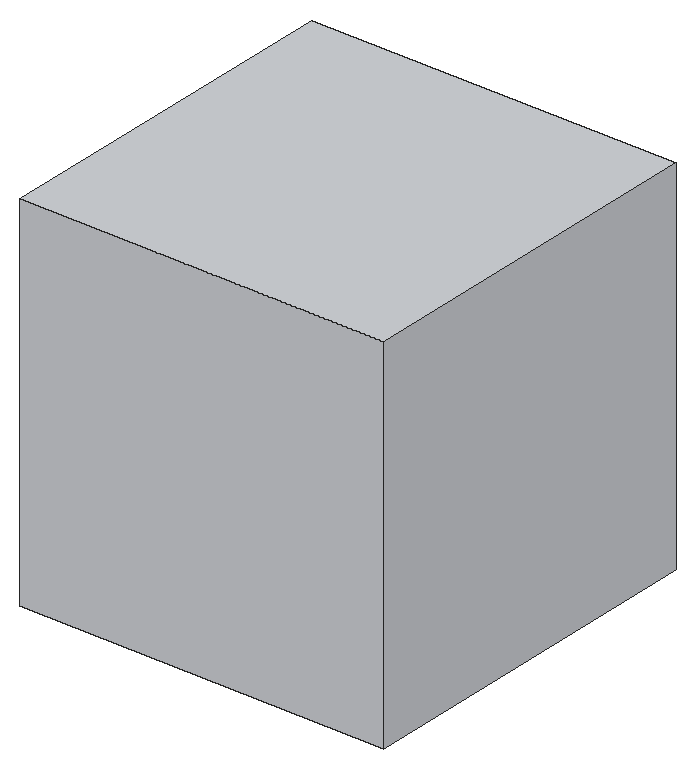
Revit family "Pipe Point", category Generic Models, Revit 2021
Family settings
  Can host rebar = No
  Round Connector Dimension = Use Diameter
  Part Type = Normal
  Work Plane-Based = No
  Always vertical = Yes
  Cut with Voids When Loaded = No
  Shared = No
  Room Calculation Point = No
Parameters (values of type "Pipe Pt")
  TS_Point_Description = ""
  GTP_PointRole_0 [instance] = ""
  GTP_PointNumber_0 [instance] = ""
  GTP_PointElement_0 [instance] = ""
  GTP_LinkedParam_0 [instance] = "GTP_PointNumber_0"
  Default Elevation = 0' - 0"
Reference planes (in)
  plane 1 "Center (Front/Back)": y = 0
  plane 2: z = 0
  plane 3 "Center (Left/Right)": x = 0
Lines and regions (in)
  model lines
    curve 1: circle (0, 0, 0) r 1 normal (0, 0, 1)
    curve 2: line (-0.70711, 0.70711, 0) -> (0.70711, -0.70711, 0)
    curve 3: line (0.70711, 0.70711, 0) -> (-0.70711, -0.70711, 0)
Dimensions and locks (in)
  aligned and locked: plane 2 to level
Nested families (in)
  nested 1: "GTP" at (0, 0, 0), PointNumber <- "GTP_PointNumber_0", PointRole <- "GTP_PointRole_0", PointElement <- "GTP_PointElement_0", LinkedParam <- "GTP_LinkedParam_0", type "Generic Pt"
    with PointType "Generic Pt", PointRole "", PointNumber "", PointNote "", PointElement "", PointDeviationZ 0' - 0", PointDeviationY 0' - 0", PointDeviationX 0' - 0", PointDeviation 0' - 0", PointDescription "", LinkedParam "GTP_PointNumber_0"
Definition of nested family "GTP"
  Parameters (values of type "Control Pt")
    URL = ""
    PointType [instance] = ""
    PointRole [instance] = "Control Point"
    PointNumber [instance] = ""
    PointNote [instance] = ""
    PointElement [instance] = ""
    PointDeviationZ [instance] = 0' - 0"
    PointDeviationY [instance] = 0' - 0"
    PointDeviationX [instance] = 0' - 0"
    PointDeviation [instance] = 0' - 0"
    PointDescription [instance] = "Control Pt"
    Manufacturer = "Autodesk Inc."
    LinkedParam [instance] = ""
    Default Elevation = 0' - 0"
  Types (9): name | PointRole | PointDescription
    (no name) | "Control Point" | "Control Pt"
    Generic Pt | "Stake Out" | "Generic Pt"
    Wall Pt | "Stake Out" | "Wall Pt"
    Duct Pt | "Stake Out" | "Duct Pt"
    Sleeve Pt | "Stake Out" | "Sleeve Pt"
    Pipe Pt | "Stake Out" | "Pipe Pt"
    Electrical Pt | "Stake Out" | "Electrical Pt"
    Control Pt | "Control Point" | "Control Pt"
    Door Pt | "Stake Out" | "Door Pt"
  Reference planes (in)
    plane 1 "Center (Front/Back)": y = 0
    plane 2: z = 0
    plane 3 "Center (Left/Right)": x = 0
  Forms (in)
    Extrusion 1, solid, detail levels medium+fine
      sketch origin (0, 0, 0) x (1, 0, 0) y (0, 1, 0)
        loop
          line (0.5, -0.5) -> (0.5, 0.5) -> (-0.5, 0.5) -> (-0.5, -0.5) -> (0.5, -0.5)
      from -0.5 to 0.5
  Lines and regions (in)
    model lines, detail levels coarse+medium
      curve 1: line (0, 0.5, 0) -> (0, 0, 0)
      curve 2: line (-0.5, 0, 0) -> (0, 0, 0)
      curve 3: line (0, 0, -0.5) -> (0, 0, 0)
      curve 4: line (0, 0, 0) -> (0.5, 0, 0)
      curve 5: line (0, 0, 0) -> (0, -0.5, 0)
      curve 6: line (0, 0, 0) -> (0, 0, 0.5)
